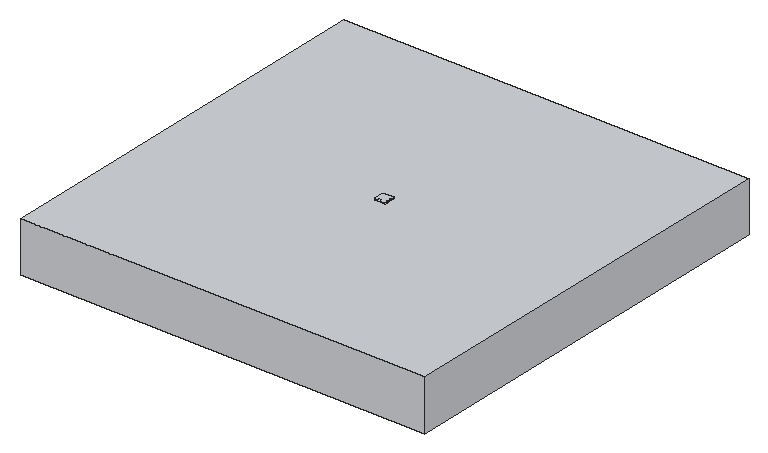
Revit family "Gira_202800", category Allgemeines Modell, Revit 2017
Family settings
  Basisbauteil = Fläche
  Kann Basisbauteil für Bewehrung sein = Nein
  Bemaßung runder Anschluss = Durchmesser verwenden
  Teiletyp = Normal
  Beim Laden mit Abzugskörper schneiden = Nein
  Gemeinsam genutzt = Nein
  Raumberechnungspunkt = Nein
Parameters
  Zusammenstellung = "Basiselement"
  Werkstoffgüte = "sonstige"
  Werkstoff = "sonstige"
  Default Elevation = 1219.2 mm
  Verwendbar mit Zeitschalter/Timer = no
  Verwendbar mit Taste = yes
  Verwendbar mit Präsenzmelder = no
  Verwendbar mit IR-Taste = no
  Verwendbar mit Funktaste = no
  Verwendbar mit Bewegungsmelder = no
  URL = "https://www.gira.de/"
  Typname = "DALI-Potentiometer Netzteil Einsatz"
  Transparent = no
  Seriendimmer = no
  Produktseite = "http://katalog.gira.de/de_DE/datenblatt.html?artikelnr=202800"
  Oberfläche = "sonstige"
  Nennspannung [Volt] = "[230:230]"
  Nebenstelleneingang = no
  Montageart = "Unterputz"
  Lichtwertspeicher = no
  Lastart = "sonstige"
  Hersteller = "Gira"
  Halogenfrei = no
  HAN = "202800"
  Geeignet für Schutzart (IP) = "IP20"
  GTIN = "4010337023456"
  Funk bidirektional = no
  Frequenz [Hz] = "[50:60]"
  Farbe = "sonstige"
  Dimmung Phasenanschnitt = no
  Dimmung Phasenabschnitt = no
  Datenblatt = "https://katalog.gira.de/de_DE/download.html?artikelnr=202800"
  Bussystem Powernet = no
  Bussystem LON = no
  Bussystem KNX-Funk = no
  Bussystem KNX = yes
  Bussystem Funkbus = no
  Beschreibung = "DALI-Potentiometer mit integriertem Netzteil   Merkmale: - Schalten und Helligkeitseinstellung für Leuchten mit DALI-Schnittstelle. - Integrierte Spannungsversorgung nach DALI-Spezifikation (DIN IEC 60926) für 26 DALI-Teilnehmer. - Parallelschalten von bis zu 4 DALI-Potentiometern mit integriertem Netzteil um bis zu 104 DALI-Teilnehmer zu versorgen. - Bedienung kann von mehreren Bedienstellen aus parallel erfolgen. Kommunikation erfolgt über Broadcast. - Speichern einer Grund- bzw. Einschalthelligkeit.  Hinweise : - Bei der Auswahl der DALI-Spannungsversorgung ist stets die Anzahl der DALI-Teilnehmer und des DALI-Potentiometers (gilt immer als 1 Teilnehmer) zu berücksichtigen."
  Befestigungsart = "Befestigung mit Schraube"
  Bedienungsart = "Dreh-/Druckknopf"
  BIM = "https://media.stage.bim.site/public/gira/876eb45/Einsatz_1fach.rfa"
  App-Steuerung über Bluetooth = no
  Anschlussart = "Schraubklemme"
  Andere Bussysteme = "ohne"
Reference planes
  plane 1 "Center (Front/Back)": y = 0
  plane 2: z = 0
  plane 3 "Center (Left/Right)": x = 0
Forms (mm)
  Extrusion 1, solid
    sketch origin (0, 0, 0) x (1, 0, 0) y (0, 1, 0)
      loop
        line (-1219.2, 1219.2) -> (-1219.2, -1219.2) -> (1219.2, -1219.2) -> (1219.2, 1219.2) -> (-1219.2, 1219.2)
    from 0 to -304.8
  Extrusion 2, solid, detail levels fine
    sketch origin (0, 0, 0) x (1, 0, 0) y (0, 1, 0)
      loop
        line (27.475, 35.475) -> (-27.475, 35.475)
        arc (-27.475, 35.475) -> (-33.132, 33.132) -> (-35.475, 27.475) r 8
        line (-35.475, 27.475) -> (-35.475, -27.475)
        arc (-35.475, -27.475) -> (-33.132, -33.132) -> (-27.475, -35.475) r 8
        line (-27.475, -35.475) -> (27.475, -35.475)
        arc (27.475, -35.475) -> (33.132, -33.132) -> (35.475, -27.475) r 8
        line (35.475, -27.475) -> (35.475, 27.475)
        arc (35.475, 27.475) -> (33.132, 33.132) -> (27.475, 35.475) r 8
    from 0 to 1.8
  Extrusion 3, solid, detail levels fine
    sketch origin (0, 0, 0) x (1, 0, 0) y (0, 1, 0)
      loop
        line (9.678, 25.4) -> (-9.678, 25.4)
        arc (-9.678, 25.4) -> (-12.885, 24.922) -> (-15.814, 23.53) r 11
        arc (-15.814, 23.53) -> (-17.795, 22.07) -> (-19.641, 20.444) r 28.35
        arc (-19.641, 20.444) -> (-21.339, 18.665) -> (-22.876, 16.745) r 28.35
        arc (-22.876, 16.745) -> (-24.456, 13.666) -> (-25, 10.248) r 11
        line (-25, 10.248) -> (-25, -10.248)
        arc (-25, -10.248) -> (-24.456, -13.666) -> (-22.876, -16.745) r 11
        arc (-22.876, -16.745) -> (-20.409, -19.677) -> (-17.569, -22.25) r 28.35
        line (-17.569, -22.25) -> (17.569, -22.25)
        arc (17.569, -22.25) -> (20.409, -19.677) -> (22.876, -16.745) r 28.35
        arc (22.876, -16.745) -> (24.456, -13.666) -> (25, -10.248) r 11
        line (25, -10.248) -> (25, 10.248)
        arc (25, 10.248) -> (24.456, 13.666) -> (22.876, 16.745) r 11
        arc (22.876, 16.745) -> (21.593, 18.37) -> (20.195, 19.897) r 28.35
        arc (20.195, 19.897) -> (18.096, 21.823) -> (15.814, 23.53) r 28.35
        arc (15.814, 23.53) -> (12.885, 24.922) -> (9.678, 25.4) r 11
    from 0 to -22
  Extrusion 4, solid, detail levels medium
    sketch origin (0, 0, 0) x (1, 0, 0) y (0, 1, 0)
      loop
        line (-25, 25.4) -> (-25, -22.25) -> (25, -22.25) -> (25, 25.4) -> (-25, 25.4)
    from 0 to -22
  Extrusion 5, solid, detail levels coarse
    sketch origin (0, 0, 0) x (1, 0, 0) y (0, 1, 0)
      loop
        line (35.475, 35.475) -> (-35.475, 35.475) -> (-35.475, -35.475) -> (35.475, -35.475) -> (35.475, 35.475)
    from -22 to 1.8
  Extrusion 6, solid, detail levels medium
    sketch origin (0, 0, 0) x (1, 0, 0) y (0, 1, 0)
      loop
        line (35.475, 35.475) -> (-35.475, 35.475) -> (-35.475, -35.475) -> (35.475, -35.475) -> (35.475, 35.475)
    from 0 to 1.8
Dimensions and locks
  aligned and locked: plane 2 to Extrusion 1
  aligned and locked: level to Extrusion 1
Connectors
  electrical at (0, 0, -22)
    settings: on Extrusion 5, index 1, voltage 220 V, apparent load 0 VA, apparent load phase1 0 VA, apparent load phase2 0 VA, apparent load phase3 0 VA, power factor 1, load classification "Other", number of poles 1, system type 30, power factor state 1, is connector primary yes, connector utility no, sub classification motor no, connector description ""
